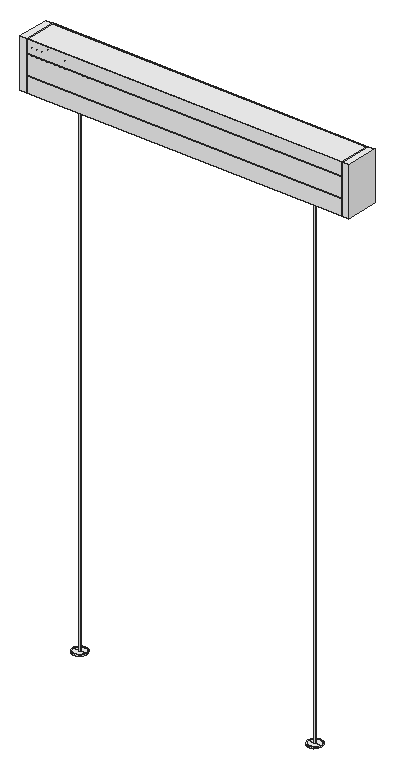
Revit family "2.3 inch  MAGIC WALL WASH LINEAR LIGHT", category Lighting Fixtures, host Face, Revit 2020 (continued)
Types (17): name | Wattage Comments | Wattage | Wall Mount | Suspenders Distance | Surface Mount | Recessed Mount | Photometric Web File | Pendent Mount | Order number | built-in parameter 1150142 | Model | built-in parameter 1150105 | Lumens | Light Source Height | Light Source Distance | built-in parameter 1150106 | Fixture Length
    .67     2.64     2.60     2.56     \r\n 2.53     2.50     2.47     2.44     2.43     2.43     2.43     2.44     2.46     2.49     \r\n 2.51     2.54     2.57     2.59     2.62     2.65     2.68     2.72     2.75     2.79     \r\n 2.82     2.85     2.88     2.91     2.94     2.97     3.00     3.04     3.07     3.10     \r\n 3.13     3.16     3.20     3.23     3.26     3.30     3.34     3.38     3.41     3.44     \r\n 3.47     3.51     3.54     3.57     3.61     3.64     3.68     3.71     3.74     3.78     \r\n 3.81     3.85     3.90     3.94     3.97     3.99     4.04     4.09     4.14     4.20     \r\n 4.26     \r\n1793.11  1804.85  1816.57  1827.46  1838.14  1848.39  1858.34  1868.02  1877.27  1886.40  \r\n 1894.97  1903.55  1912.02  1920.49  1928.66  1936.73  1944.39  1951.71  1958.67  1964.85  \r\n 1971.03  1977.54  1984.06  1989.84  1995.53  2001.29  2007.08  2012.13  2016.36  2020.83  \r\n 2026.08  2031.31  2035.08  2038.83  2042.24  2045.59  2048.82  2051.95  2054.95  2057.74  \r\n 2060.43  2062.60  2064.75  2066.76  2068.74  2070.10  2071.16  2071.74  2071.58  2071.46  \r\n 2071.71  2071.99  2071.84  2071.63  2070.55  2069.06  2067.37  2065.35  2063.17  2060.15  \r\n 2057.15  2054.01  2050.82  2047.22  2043.35  2038.01  2028.71  2019.24  2009.37  1999.23  \r\n 1987.52  1975.04  1961.87  1947.76  1932.96  1916.96  1900.38  1883.12  1865.29  1845.95  \r\n 1825.04  1803.47  1780.71  1757.39  1732.76  1707.35  1680.94  1653.31  1625.06  1596.78  \r\n 1568.02  1539.55  1511.00  1481.99  1452.64  1422.99  1392.69  1362.02  1331.00  1299.64  \r\n 1268.03  1236.05  1203.81  1171.14  1138.05  1104.76  1071.68  1038.57  1008.04  981.54   \r\n 955.36   929.15   903.22   877.81   853.26   829.08   805.46   782.28   759.39   737.21   \r\n 715.38   694.00   673.27   652.77   632.81   613.45   594.23   575.23   556.43   537.77   \r\n 519.55   501.65   483.91   466.19   448.62   433.71   419.88   406.52   393.54   381.02   \r\n 369.02   357.37   346.06   335.54   325.36   315.49   306.06   297.17   288.42   279.80   \r\n 271.27   262.82   254.48   245.83   236.67   227.46   218.37   209.42   200.59   191.89   \r\n 183.28   174.76   166.33   157.98   149.71   141.52   133.42   125.40   118.17   111.02   \r\n 103.88   96.77    89.67    82.58    75.50    68.43    61.37    54.31    47.26    40.20    \r\n 33.14    31.05    28.95    26.86    24.77    22.68    20.60    18.53    16.48    14.44    \r\n 12.41    10.40    8.42     6.62     6.76     6.90     7.04     7.18     7.32     7.46     \r\n 7.60     7.74     7.89     8.03     8.18     8.32     8.47     8.61     8.75     8.87     \r\n 9.00     9.12     9.23     9.35     9.46     9.56     9.66     9.76     9.85     9.94     \r\n 10.03    10.11    10.18    10.25    10.30    10.36    10.37    10.17    9.98     9.79     \r\n 9.59     9.40     9.20     9.00     8.80     8.61     8.42     8.22     8.02     7.82     \r\n 7.63     7.43     7.24     7.05     6.86     6.67     6.49     6.31     6.13     5.95     \r\n 5.78     5.61     5.44     5.29     5.16     5.03     4.89     4.75     4.63     4.51     \r\n 4.40     4.29     4.19     4.10     4.01     3.93     3.84     3.76     3.68     3.60     \r\n 3.53     3.46     3.40     3.32     3.25     3.19     3.13     3.08     3.03     2.97     \r\n 2.92     2.87     2.82     2.77     2.71     2.64     2.56     2.52     2.48     2.45     \r\n 2.43     2.41     2.41     2.42     2.40     2.39     2.39     2.40     2.40     2.39     \r\n 2.39     2.39     2.38     2.39     2.39     2.39     2.40     2.41     2.41     2.42     \r\n 2.45     2.47     2.50     2.53     2.56     2.58     2.61     2.64     2.68     2.71     \r\n 2.75     2.78     2.81     2.85     2.88     2.91     2.95     2.98     3.01     3.05     \r\n 3.08     3.11     3.15     3.18     3.22     3.25     3.29     3.33     3.37     3.40     \r\n 3.44     3.47     3.51     3.54     3.58     3.61     3.65     3.69     3.72     3.76     \r\n 3.79     3.83     3.88     3.93     3.96     3.99     4.02     4.08     4.13     4.20     \r\n 4.26     \r\n1793.11  1805.57  1818.02  1829.52  1840.88  1851.69  1862.30  1872.46  1882.34  1891.86  \r\n 1901.02  1910.16  1919.24  1928.22  1936.90  1945.50  1953.38  1961.26  1968.08  1974.83  \r\n 1981.79  1988.81  1995.30  2001.55  2007.82  2014.11  2019.73  2024.46  2029.42  2035.00  \r\n 2040.40  2044.65  2048.86  2052.53  2056.21  2059.81  2063.39  2066.74  2070.01  2072.88  \r\n 2075.50  2078.02  2080.44  2082.47  2083.71  2084.81  2085.06  2085.30  2085.74  2086.19  \r\n 2086.46  2086.67  2085.76  2084.40  2082.81  2081.02  2078.78  2075.84  2072.94  2070.13  \r\n 2067.25  2063.55  2059.84  2054.14  2048.20  2042.40  2036.64  2030.08  2022.79  2015.40  \r\n 2007.89  2000.26  1991.94  1983.67  1975.12  1966.59  1956.33  1940.50  1922.83  1904.28  \r\n 1884.91  1864.39  1843.27  1820.98  1798.11  1773.91  1749.20  1724.80  1700.31  1674.79  \r\n 1648.18  1621.17  1593.41  1565.38  1536.51  1507.36  1477.83  1447.98  1417.52  1386.26  \r\n 1354.72  1322.24  1289.70  1256.74  1223.61  1189.75  1155.15  1120.61  1086.21  1051.97  \r\n 1017.54  983.40   949.78   916.76   884.18   853.11   822.66   793.70   766.02   740.71   \r\n 719.99   699.41   679.21   659.27   639.30   618.62   598.17   578.10   558.37   538.91   \r\n 519.94   501.28   483.25   466.04   449.15   433.36   418.42   403.98   390.10   376.71   \r\n 363.85   351.98   340.63   330.86   321.12   311.51   302.04   292.95   283.95   275.01   \r\n 266.14   257.39   248.77   240.27   231.86   223.57   215.40   207.36   199.23   190.82   \r\n 182.53   174.36   166.31   158.37   150.54   142.82   135.20   127.68   120.26   112.93   \r\n 105.72   98.60    91.51    84.45    77.42    70.41    63.41    56.43    49.46    42.49    \r\n 35.52    32.74    29.97    27.20    24.44    21.69    18.95    16.24    13.54    10.88    \r\n 8.24     7.07     7.20     7.33     7.47     7.60     7.73     7.86     8.00     8.13     \r\n 8.27     8.40     8.53     8.69     8.85     9.01     9.17     9.32     9.47     9.61     \r\n 9.75     9.89     10.03    10.16    10.29    10.42    10.55    10.67    10.72    10.56    \r\n 10.40    10.24    10.07    9.90     9.73     9.55     9.37     9.19     9.01     8.83     \r\n 8.64     8.45     8.26     8.06     7.86     7.67     7.48     7.29     7.10     6.90     \r\n 6.72     6.53     6.32     6.12     5.92     5.73     5.55     5.38     5.21     5.04     \r\n 4.89     4.74     4.60     4.47     4.34     4.21     4.09     3.98     3.88     3.78     \r\n 3.69     3.59     3.50     3.41     3.33     3.26     3.19     3.12     3.07     3.01     \r\n 2.96     2.90     2.85     2.79     2.75     2.70     2.66     2.61     2.56     2.52     \r\n 2.48     2.45     2.41     2.38     2.35     2.33     2.31     2.29     2.25     2.20     \r\n 2.19     2.18     2.19     2.20     2.22     2.25     2.28     2.29     2.30     2.32     \r\n 2.33     2.33     2.33     2.33     2.34     2.34     2.35     2.36     2.37     2.39     \r\n 2.40     2.41     2.44     2.47     2.50     2.53     2.56     2.59     2.62     2.65     \r\n 2.69     2.73     2.76     2.79     2.83     2.86     2.90     2.93     2.96     3.00     \r\n 3.04     3.07     3.10     3.14     3.18     3.21     3.25     3.29     3.33     3.38     \r\n 3.41     3.44     3.48     3.52     3.55     3.59     3.63     3.67     3.71     3.74     \r\n 3.78     3.82     3.86     3.91     3.95     3.98     4.01     4.07     4.13     4.19     \r\n 4.26     \r\n1793.11  1806.20  1819.28  1831.32  1843.28  1854.58  1865.77  1876.37  1886.80  1896.69  \r\n 1906.36  1916.01  1925.62  1935.01  1944.23  1953.02  1961.39  1969.31  1976.62  1983.97  \r\n 1991.43  1998.70  2005.45  2012.20  2018.95  2025.49  2030.67  2035.89  2041.75  2047.64  \r\n 2052.35  2057.03  2061.05  2065.02  2069.03  2073.04  2076.83  2080.56  2083.81  2086.85  \r\n 2089.77  2092.60  2094.66  2096.07  2097.16  2097.82  2098.45  2099.08  2099.72  2100.36  \r\n 2100.62  2099.39  2098.14  2096.59  2095.02  2092.17  2089.33  2086.89  2084.46  2081.12  \r\n 2077.61  2072.17  2066.08  2060.28  2054.61  2048.24  2041.28  2033.99  2026.34  2018.32  \r\n 2009.60  2000.86  1991.94  1982.75  1971.70  1960.63  1948.93  1937.20  1924.43  1911.56  \r\n 1898.04  1884.37  1869.71  1854.58  1839.90  1825.60  1810.41  1794.00  1777.32  1760.09  \r\n 1742.70  1724.48  1706.14  1679.24  1652.14  1623.48  1594.47  1563.68  1532.23  1500.43  \r\n 1468.36  1435.17  1400.47  1365.58  1330.07  1294.53  1256.53  1218.86  1181.75  1145.02  \r\n 1108.34  1071.98  1036.63  1002.41  968.66   935.11   902.26   870.20   838.92   807.45   \r\n 776.48   746.41   717.28   689.21   662.58   636.77   613.01   590.12   568.21   547.05   \r\n 526.51   506.76   487.72   470.09   453.05   436.73   421.14   405.99   391.65   377.80   \r\n 364.49   351.70   339.38   327.71   316.54   305.90   295.86   286.30   277.16   268.40   \r\n 260.07   252.11   242.84   233.77   224.88   216.20   207.72   199.50   191.51   183.74   \r\n 176.18   168.83   161.65   154.63   147.06   139.70   132.50   125.46   118.58   111.84   \r\n 105.25   98.80    92.47    85.54    78.63    71.76    64.93    58.12    51.34    44.58    \r\n 37.81    33.93    30.06    26.19    22.35    18.54    14.77    11.05    7.64     7.75     \r\n 7.86     7.97     8.09     8.20     8.32     8.44     8.56     8.67     8.86     9.04     \r\n 9.21     9.40     9.58     9.75     9.92     10.09    10.25    10.41    10.57    10.72    \r\n 10.60    10.47    10.33    10.20    10.07    9.94     9.80     9.66     9.52     9.37     \r\n 9.22     9.07     8.92     8.76     8.60     8.43     8.26     8.09     7.91     7.64     \r\n 7.35     7.07     6.81     6.55     6.31     6.08     5.85     5.63     5.42     5.22     \r\n 5.03     4.84     4.67     4.51     4.35     4.20     4.06     3.93     3.80     3.68     \r\n 3.56     3.46     3.35     3.25     3.16     3.07     2.98     2.89     2.81     2.74     \r\n 2.67     2.61     2.55     2.50     2.45     2.40     2.35     2.31     2.27     2.28     \r\n 2.28     2.28     2.29     2.29     2.28     2.27     2.27     2.26     2.26     2.26     \r\n 2.25     2.23     2.22     2.20     2.19     2.18     2.18     2.18     2.17     2.16     \r\n 2.14     2.11     2.10     2.10     2.11     2.12     2.15     2.18     2.20     2.22     \r\n 2.23     2.25     2.26     2.27     2.28     2.28     2.29     2.31     2.33     2.34     \r\n 2.36     2.38     2.40     2.42     2.45     2.49     2.52     2.55     2.58     2.61     \r\n 2.65     2.68     2.72     2.76     2.79     2.82     2.86     2.90     2.93     2.96     \r\n 3.00     3.04     3.07     3.10     3.14     3.18     3.22     3.26     3.30     3.35     \r\n 3.39     3.42     3.46     3.50     3.53     3.57     3.61     3.65     3.69     3.73     \r\n 3.76     3.80     3.85     3.90     3.95     3.98     4.01     4.07     4.12     4.19     \r\n 4.26     \r\n1793.11  1806.73  1820.34  1832.84  1845.32  1857.05  1868.74  1879.72  1890.63  1900.84  \r\n 1910.95  1921.05  1931.14  1940.90  1950.58  1959.57  1968.37  1976.42  1984.20  1992.03  \r\n 1999.88  2007.30  2014.50  2021.67  2028.83  2035.01  2040.60  2046.49  2052.61  2058.16  \r\n 2063.25  2067.89  2072.11  2076.43  2080.83  2085.12  2089.27  2093.11  2096.56  2099.91  \r\n 2103.13  2105.74  2107.29  2108.70  2109.77  2110.75  2111.55  2112.41  2113.46  2114.05  \r\n 2112.96  2111.85  2110.56  2109.08  2106.35  2103.70  2101.70  2099.61  2096.34  2093.02  \r\n 2086.84  2080.68  2075.14  2069.63  2063.15  2056.59  2049.02  2041.32  2032.49  2023.47  \r\n 2014.32  2005.16  1994.48  1983.30  1971.84  1960.24  1947.78  1934.87  1921.27  1907.25  \r\n 1892.51  1877.21  1861.98  1846.87  1831.19  1814.76  1797.78  1779.97  1761.92  1743.35  \r\n 1724.55  1705.19  1685.66  1665.38  1644.69  1621.80  1598.86  1575.51  1552.09  1526.29  \r\n 1500.38  1473.07  1445.57  1414.73  1383.21  1351.74  1320.10  1287.12  1253.42  1219.81  \r\n 1186.17  1151.55  1116.04  1080.11  1043.66  1004.05  963.83   924.23   885.33   847.32   \r\n 811.88   777.04   745.68   714.87   687.20   660.34   634.77   609.90   586.26   563.58   \r\n 541.44   519.94   499.08   479.35   459.94   441.08   422.56   405.05   387.95   371.50   \r\n 355.55   340.26   325.75   311.65   298.55   285.74   273.26   261.63   251.65   242.69   \r\n 233.98   225.82   217.90   210.37   203.15   196.19   189.62   183.25   177.07   171.07   \r\n 165.25   157.96   150.24   142.82   135.72   128.93   122.47   116.39   110.67   104.84   \r\n 98.84    93.11    87.62    82.36    77.32    71.87    65.29    58.79    52.35    45.95    \r\n 39.57    34.32    29.06    23.79    18.51    13.21    10.97    10.30    9.74     9.30     \r\n 9.04     8.88     8.95     9.15     9.35     9.55     9.75     9.95     10.15    10.34    \r\n 10.45    10.34    10.24    10.13    10.02    9.91     9.79     9.68     9.56     9.44     \r\n 9.32     9.19     9.06     8.93     8.66     8.27     7.90     7.54     7.20     6.88     \r\n 6.56     6.26     5.97     5.70     5.44     5.18     4.94     4.71     4.49     4.28     \r\n 4.08     3.89     3.71     3.54     3.37     3.22     3.08     2.94     2.81     2.69     \r\n 2.57     2.47     2.36     2.27     2.18     2.10     2.03     2.05     2.06     2.07     \r\n 2.09     2.10     2.12     2.14     2.15     2.16     2.18     2.19     2.19     2.20     \r\n 2.21     2.22     2.22     2.23     2.24     2.25     2.26     2.27     2.28     2.25     \r\n 2.21     2.19     2.17     2.16     2.15     2.13     2.12     2.11     2.10     2.10     \r\n 2.09     2.09     2.08     2.07     2.05     2.03     2.02     2.01     2.02     2.02     \r\n 2.03     2.03     2.02     2.01     2.02     2.02     2.04     2.06     2.09     2.12     \r\n 2.14     2.15     2.18     2.20     2.21     2.23     2.24     2.25     2.27     2.30     \r\n 2.32     2.34     2.36     2.39     2.42     2.45     2.49     2.52     2.55     2.58     \r\n 2.62     2.65     2.69     2.73     2.76     2.79     2.83     2.87     2.90     2.93     \r\n 2.97     3.01     3.05     3.08     3.12     3.16     3.20     3.24     3.28     3.33     \r\n 3.37     3.40     3.44     3.48     3.52     3.56     3.60     3.64     3.68     3.72     \r\n 3.75     3.80     3.84     3.89     3.94     3.97     4.00     4.06     4.12     4.19     \r\n 4.26     \r\n1793.11  1807.15  1821.19  1834.08  1846.97  1859.08  1871.17  1882.48  1893.79  1904.29  \r\n 1914.77  1925.25  1935.72  1945.82  1955.90  1965.10  1974.26  1982.54  1990.75  1998.93  \r\n 2007.11  2014.75  2022.35  2029.86  2037.36  2043.47  2049.43  2055.69  2061.99  2067.55  \r\n 2073.01  2077.58  2082.03  2086.75  2091.50  2096.07  2100.60  2104.53  2108.34  2111.95  \r\n 2115.52  2117.50  2119.19  2120.70  2122.16  2123.20  2124.17  2125.53  2126.97  2126.50  \r\n 2125.57  2124.57  2123.55  2121.31  2118.73  2116.94  2115.36  2112.69  2109.68  2104.26  \r\n 2098.07  2092.53  2087.22  2081.36  2075.28  2068.05  2060.38  2051.58  2042.33  2033.02  \r\n 2023.70  2013.09  2001.92  1990.64  1979.31  1967.00  1954.20  1940.48  1926.28  1911.38  \r\n 1896.09  1880.52  1864.79  1848.78  1832.57  1815.21  1797.09  1778.66  1760.01  1740.62  \r\n 1720.69  1700.67  1680.54  1658.98  1636.21  1613.27  1590.17  1566.41  1541.97  1516.83  \r\n 1490.97  1463.80  1435.16  1406.68  1378.42  1349.47  1319.68  1289.85  1260.01  1229.41  \r\n 1197.73  1166.08  1134.56  1102.50  1069.61  1036.45  1003.00  969.80   937.54   905.56   \r\n 874.75   844.39   815.90   787.47   759.55   731.90   705.68   679.50   653.73   628.04   \r\n 603.44   578.87   554.63   530.37   507.38   484.38   461.78   439.22   418.04   397.00   \r\n 376.93   357.09   337.83   318.77   300.23   285.44   271.32   257.70   244.75   232.41   \r\n 220.63   209.54   198.96   189.11   179.68   170.99   162.67   155.33   148.31   141.67   \r\n 135.43   129.63   124.00   118.35   111.90   105.72   100.34   95.14    90.21    85.59    \r\n 81.26    76.19    71.56    67.46    63.93    60.73    58.08    56.01    51.62    46.10    \r\n 40.67    35.58    30.42    24.96    19.28    13.88    9.78     9.37     9.41     9.52     \r\n 9.67     9.54     9.43     9.33     9.23     9.14     9.06     9.00     8.50     7.94     \r\n 7.39     6.85     6.34     5.86     5.40     4.96     4.54     4.16     3.79     3.44     \r\n 3.11
